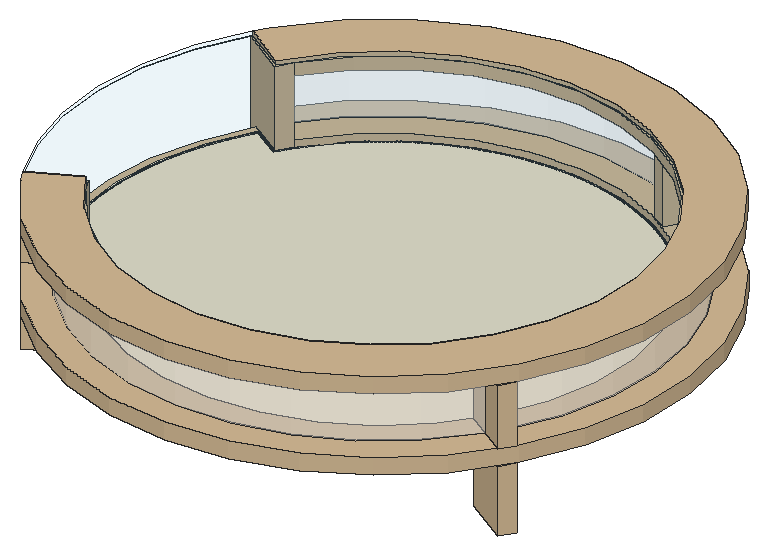
Revit family "MESA DE CENTRO M.A. 1,10M", category Modelos genéricos, Revit 2024 (continued)
Automatic sketch dimensions
  plane 5 to Extrusion 139 sketch curve = 1914.1782 cm
  Extrusion 139 sketch curve to Extrusion 139 sketch curve = 0.1014 cm
  Extrusion 139 sketch curve to Extrusion 139 sketch curve = 0.1162 cm
  Extrusion 139 sketch curve to Extrusion 139 sketch curve = 0.234 cm
  plane 6 to Extrusion 141 sketch curve = 60.0107 cm
  plane 5 to Extrusion 141 sketch curve = 1914.8441 cm
  Extrusion 141 sketch curve to Extrusion 141 sketch curve = 0.1014 cm
  Extrusion 141 sketch curve to Extrusion 141 sketch curve = 0.1162 cm
  Extrusion 141 sketch curve to Extrusion 141 sketch curve = 0.234 cm
  plane 6 to Extrusion 142 sketch curve = 60.4936 cm
  plane 5 to Extrusion 142 sketch curve = 1915.1867 cm
  Extrusion 142 sketch curve to Extrusion 142 sketch curve = 0.1014 cm
  Extrusion 142 sketch curve to Extrusion 142 sketch curve = 0.1162 cm
  Extrusion 142 sketch curve to Extrusion 142 sketch curve = 0.234 cm
  plane 6 to Extrusion 143 sketch curve = 60.9719 cm
  plane 5 to Extrusion 143 sketch curve = 1915.5355 cm
  Extrusion 143 sketch curve to Extrusion 143 sketch curve = 0.1014 cm
  Extrusion 143 sketch curve to Extrusion 143 sketch curve = 0.1162 cm
  Extrusion 143 sketch curve to Extrusion 143 sketch curve = 0.234 cm
  plane 6 to Extrusion 144 sketch curve = 61.4456 cm
  plane 5 to Extrusion 144 sketch curve = 1915.8907 cm
  Extrusion 144 sketch curve to Extrusion 144 sketch curve = 0.1014 cm
  Extrusion 144 sketch curve to Extrusion 144 sketch curve = 0.1162 cm
  Extrusion 144 sketch curve to Extrusion 144 sketch curve = 0.234 cm
  plane 6 to Extrusion 145 sketch curve = 61.9345 cm
  plane 5 to Extrusion 145 sketch curve = 1916.212 cm
  Extrusion 145 sketch curve to Extrusion 145 sketch curve = 0.1014 cm
  Extrusion 145 sketch curve to Extrusion 145 sketch curve = 0.1162 cm
  Extrusion 145 sketch curve to Extrusion 145 sketch curve = 0.234 cm
  plane 6 to Extrusion 146 sketch curve = 62.3987 cm
  plane 5 to Extrusion 146 sketch curve = 1916.5395 cm
  Extrusion 146 sketch curve to Extrusion 146 sketch curve = 0.1014 cm
  Extrusion 146 sketch curve to Extrusion 146 sketch curve = 0.1162 cm
  Extrusion 146 sketch curve to Extrusion 146 sketch curve = 0.234 cm
  plane 6 to Extrusion 499 sketch curve = 12.1088 cm
  plane 5 to Extrusion 499 sketch curve = 1912.9247 cm
  Extrusion 499 sketch curve to Extrusion 499 sketch curve = 0.1014 cm
  Extrusion 499 sketch curve to Extrusion 499 sketch curve = 0.1162 cm
  Extrusion 499 sketch curve to Extrusion 499 sketch curve = 0.0426 cm
  plane 6 to Extrusion 500 sketch curve = 11.6004 cm
  plane 5 to Extrusion 500 sketch curve = 1913.2281 cm
  Extrusion 500 sketch curve to Extrusion 500 sketch curve = 0.1014 cm
  Extrusion 500 sketch curve to Extrusion 500 sketch curve = 0.1162 cm
  Extrusion 500 sketch curve to Extrusion 500 sketch curve = 0.0426 cm
  plane 6 to Extrusion 501 sketch curve = 11.0961 cm
  plane 5 to Extrusion 501 sketch curve = 1913.5382 cm
  Extrusion 501 sketch curve to Extrusion 501 sketch curve = 0.1014 cm
  Extrusion 501 sketch curve to Extrusion 501 sketch curve = 0.1162 cm
  Extrusion 501 sketch curve to Extrusion 501 sketch curve = 0.0426 cm
  plane 6 to Extrusion 502 sketch curve = 10.5959 cm
  plane 5 to Extrusion 502 sketch curve = 1913.8549 cm
  Extrusion 502 sketch curve to Extrusion 502 sketch curve = 0.1014 cm
  Extrusion 502 sketch curve to Extrusion 502 sketch curve = 0.1162 cm
  Extrusion 502 sketch curve to Extrusion 502 sketch curve = 0.0426 cm
  plane 6 to Extrusion 503 sketch curve = 10.1 cm
  plane 5 to Extrusion 503 sketch curve = 1914.1782 cm
  Extrusion 503 sketch curve to Extrusion 503 sketch curve = 0.1014 cm
  Extrusion 503 sketch curve to Extrusion 503 sketch curve = 0.1162 cm
  Extrusion 503 sketch curve to Extrusion 503 sketch curve = 0.0426 cm
  plane 6 to Extrusion 505 sketch curve = 9.121 cm
  plane 5 to Extrusion 505 sketch curve = 1914.8441 cm
  Extrusion 505 sketch curve to Extrusion 505 sketch curve = 0.1014 cm
  Extrusion 505 sketch curve to Extrusion 505 sketch curve = 0.1162 cm
  Extrusion 505 sketch curve to Extrusion 505 sketch curve = 0.0426 cm
  plane 6 to Extrusion 506 sketch curve = 8.6381 cm
  plane 5 to Extrusion 506 sketch curve = 1915.1867 cm
  Extrusion 506 sketch curve to Extrusion 506 sketch curve = 0.1014 cm
  Extrusion 506 sketch curve to Extrusion 506 sketch curve = 0.1162 cm
  Extrusion 506 sketch curve to Extrusion 506 sketch curve = 0.0426 cm
  Extrusion 524 sketch curve to plane 6 = 0.6602 cm
  plane 5 to Extrusion 524 sketch curve = 1924.181 cm
  Extrusion 524 sketch curve to Extrusion 524 sketch curve = 0.0134 cm
  Extrusion 524 sketch curve to Extrusion 524 sketch curve = 0.2978 cm
  Extrusion 524 sketch curve to Extrusion 524 sketch curve = 0.0366 cm
  plane 6 to Extrusion 525 sketch curve = 8.1598 cm
  plane 5 to Extrusion 525 sketch curve = 1915.5355 cm
  Extrusion 525 sketch curve to Extrusion 525 sketch curve = 0.1014 cm
  Extrusion 525 sketch curve to Extrusion 525 sketch curve = 0.1162 cm
  Extrusion 525 sketch curve to Extrusion 525 sketch curve = 0.0426 cm
  plane 6 to Extrusion 526 sketch curve = 7.6861 cm
  plane 5 to Extrusion 526 sketch curve = 1915.8907 cm
  Extrusion 526 sketch curve to Extrusion 526 sketch curve = 0.1014 cm
  Extrusion 526 sketch curve to Extrusion 526 sketch curve = 0.1162 cm
  Extrusion 526 sketch curve to Extrusion 526 sketch curve = 0.0426 cm
  plane 6 to Extrusion 527 sketch curve = 7.1972 cm
  plane 5 to Extrusion 527 sketch curve = 1916.212 cm
  Extrusion 527 sketch curve to Extrusion 527 sketch curve = 0.1014 cm
  Extrusion 527 sketch curve to Extrusion 527 sketch curve = 0.1162 cm
  Extrusion 527 sketch curve to Extrusion 527 sketch curve = 0.0426 cm
  plane 6 to Extrusion 528 sketch curve = 6.733 cm
  plane 5 to Extrusion 528 sketch curve = 1916.5395 cm
  Extrusion 528 sketch curve to Extrusion 528 sketch curve = 0.1014 cm
  Extrusion 528 sketch curve to Extrusion 528 sketch curve = 0.1162 cm
  Extrusion 528 sketch curve to Extrusion 528 sketch curve = 0.0426 cm
  Extrusion 529 sketch curve to plane 6 = 1.0245 cm
  plane 5 to Extrusion 529 sketch curve = 1924.6353 cm
  Extrusion 529 sketch curve to Extrusion 529 sketch curve = 0.0134 cm
  Extrusion 529 sketch curve to Extrusion 529 sketch curve = 0.2978 cm
  Extrusion 529 sketch curve to Extrusion 529 sketch curve = 0.0366 cm
  Extrusion 530 sketch curve to plane 6 = 1.3808 cm
  plane 5 to Extrusion 530 sketch curve = 1925.1462 cm
  Extrusion 530 sketch curve to Extrusion 530 sketch curve = 0.0134 cm
  Extrusion 530 sketch curve to Extrusion 530 sketch curve = 0.2978 cm
  Extrusion 530 sketch curve to Extrusion 530 sketch curve = 0.0366 cm
  level to Extrusion 531 sketch curve = 34.0046 cm
  Extrusion 531 sketch curve to Extrusion 531 sketch curve = 0.4 cm  (x2)
  Extrusion 531 sketch curve to Extrusion 531 sketch curve = 0.18 cm  (x2)
  level to Extrusion 531 sketch curve = 35.0046 cm
  level to Extrusion 532 sketch curve = 34.0046 cm
  Extrusion 532 sketch curve to Extrusion 532 sketch curve = 0.4 cm  (x2)
  Extrusion 532 sketch curve to Extrusion 532 sketch curve = 0.18 cm  (x2)
  level to Extrusion 532 sketch curve = 35.0046 cm
  level to Extrusion 533 sketch curve = 34.0046 cm
  Extrusion 533 sketch curve to Extrusion 533 sketch curve = 0.4 cm  (x2)
  Extrusion 533 sketch curve to Extrusion 533 sketch curve = 0.18 cm  (x2)
  level to Extrusion 533 sketch curve = 35.0046 cm
  level to Extrusion 534 sketch curve = 34.0046 cm
  Extrusion 534 sketch curve to Extrusion 534 sketch curve = 0.4 cm  (x2)
  Extrusion 534 sketch curve to Extrusion 534 sketch curve = 0.18 cm  (x2)
  level to Extrusion 534 sketch curve = 35.0046 cm
